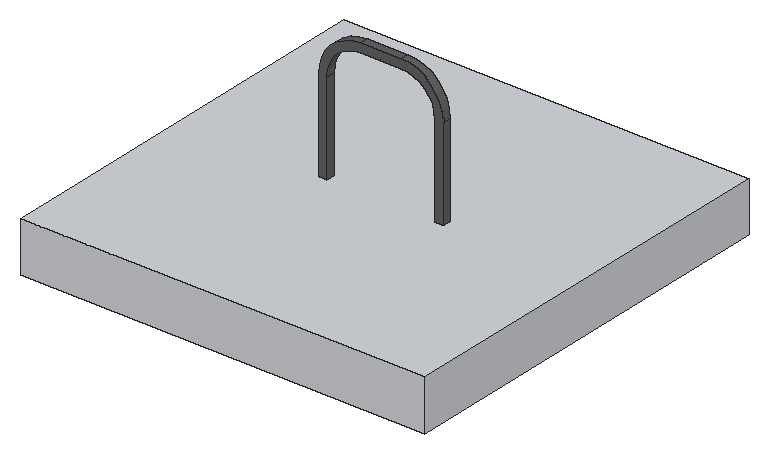
Revit family "Bike_Rack-Saris_Parking-Bike_Dock", category Site, host Face, Revit 2014
Parameters (values of type "Refer to Catalog")
  Width = 2' - 6"
  Weight = 20.00 lbf
  URL = "https://www.sarisparking.com/"
  Tube Square = not(Tube Round)  # yes
  Tube Round = no
  Product Page URL = "https://www.sarisparking.com/product/bike-dock/"
  Product Documentation Link = "https://www.sarisparking.com/uploads/SarisParking/PDF/Bike-Dock-6903-Spread.pdf"
  Pole Length = if(Flange Mount, 1' 9 9/16", 2' 8 3/4")  # 2' - 8 3/4"
  Pipe Radius = Pipe Size / 2  # 0' - 1"
  Pipe Size = 0' - 2"
  Number of Parkable Bikes = 2  # constant formula
  Mount Color = Paint - Saris Parking - Powder Coat - Shuttle Black
  Model = "2112"
  Manufacturer = "Saris Parking"  # constant formula
  Length = 0' - 0"
  LEED Credit = "Meets APBP Guidelines"  # constant formula
  Height = 2' - 8"  # constant formula
  Flange Mount = no
  Description = "Intuitive, easy to use bike parking for 2 bikes"  # constant formula
  Default Elevation = 4' - 0"
  Below Grade Mount = not(Flange Mount)  # yes
  Assembly Code = "G2040500"
Reference planes (in)
  plane 1 "Center (Front/Back)": y = 0
  plane 2: z = 0
  plane 3 "Center (Left/Right)": x = 0
  plane 4: z = 21.8125
  plane 5: z = -10.9375
  plane 6: z = 0.25
  plane 7 "Bike": z = 0
  plane 8: x = -13.8125
  plane 9: x = 13.8125
  plane 10: z = 21.8125
  plane 11: z = -10.9375
  plane 12: y = 2.50204
  plane 13: y = -2.49796
  plane 14: x = -16.3125
  plane 15: x = -11.3125
  plane 16: x = 11.3125
  plane 17: x = 16.3125
  plane 18: x = 16.8125
  plane 19: x = 10.8125
  plane 20: y = 3.00204
  plane 21: y = -2.99796
  plane 22: x = -16.8125
  plane 23: x = -10.8125
  plane 24 "Bike Location 1": y = 7.49837
  plane 25 "Bike Location 2": y = -7.49837
Forms (in)
  Extrusion 1, solid
    sketch origin (0, 0, 0) x (1, 0, 0) y (0, 1, 0)
      loop
        line (-48, 48) -> (-48, -48) -> (48, -48) -> (48, 48) -> (-48, 48)
    from 0 to -12
  Sweep 2, solid, material "Paint - Saris Parking - Powder Coat - Shuttle Black" <- "Mount Color", visible <- "Tube Round"
    path origin (0, 0, 0) x (1, 0, 0) y (0, 0, 1)
      loop
        line (-13.8125, -10.9375) -> (-13.8125, 21.8125)
        arc (-13.8125, 21.8125) -> (-11.17646, 28.17646) -> (-4.8125, 30.8125) r 9
        line (-4.8125, 30.8125) -> (4.8125, 30.8125)
        arc (4.8125, 30.8125) -> (11.17646, 28.17646) -> (13.8125, 21.8125) r 9
        line (13.8125, 21.8125) -> (13.8125, -10.9375)
    profile origin (-13.8125, 0, 5.4375) x (-1, 0, 0) y (0, -1, 0)
      loop
        circle (0, 0) r 1
  Extrusion 3, solid, material "Paint - Saris Parking - Powder Coat - Shuttle Black" <- "Mount Color", visible <- "Flange Mount"
    sketch origin (0, 0, 0) x (1, 0, 0) y (0, 1, 0)
      loop
        line (-10.8125, 3.00204) -> (-16.8125, 3.00204) -> (-16.8125, -2.99796) -> (-10.8125, -2.99796) -> (-10.8125, 3.00204)
      loop
        line (10.8125, 3.00204) -> (10.8125, -2.99796) -> (16.8125, -2.99796) -> (16.8125, 3.00204) -> (10.8125, 3.00204)
      loop
        circle (-16.3125, 2.50204) r 0.195
      loop
        circle (-16.3125, -2.49796) r 0.195
      loop
        circle (-11.3125, -2.49796) r 0.195
      loop
        circle (-11.3125, 2.50204) r 0.195
      loop
        circle (16.3125, 2.50204) r 0.195
      loop
        circle (16.3125, -2.49796) r 0.195
      loop
        circle (11.3125, -2.49796) r 0.195
      loop
        circle (11.3125, 2.50204) r 0.195
    from 0 to 0.25
  Sweep 4, solid, material "Paint - Saris Parking - Powder Coat - Shuttle Black" <- "Mount Color", visible <- "Tube Square"
    path origin (0, 0, 0) x (1, 0, 0) y (0, 0, 1)
      loop
        line (-13.8125, -10.9375) -> (-13.8125, 21.8125)
        arc (-13.8125, 21.8125) -> (-11.17646, 28.17646) -> (-4.8125, 30.8125) r 9
        line (-4.8125, 30.8125) -> (4.8125, 30.8125)
        arc (4.8125, 30.8125) -> (11.17646, 28.17646) -> (13.8125, 21.8125) r 9
        line (13.8125, 21.8125) -> (13.8125, -10.9375)
    profile origin (-13.8125, 0, 5.4375) x (-1, 0, 0) y (0, -1, 0)
      loop
        line (-1, -1) -> (1, -1) -> (1, 1) -> (-1, 1) -> (-1, -1)
Lines and regions (in)
  Masking region 1, visible <- "Flange Mount"
    outline origin (0, 0, 0) x (1, 0, 0) y (0, 1, 0)
      loop
        line (-10.8125, 2.99796) -> (-16.8125, 2.99796) -> (-16.8125, -2.99796) -> (-10.8125, -2.99796) -> (-10.8125, -1) -> (10.8125, -1) -> (10.8125, -2.99796) -> (16.8125, -2.99796) -> (16.8125, 2.99796) -> (10.8125, 2.99796) -> (10.8125, 1) -> (-10.8125, 1) -> (-10.8125, 2.99796)
  Masking region 2, visible <- "Tube Round"
    outline origin (0, 0, 0) x (1, 0, 0) y (0, 1, 0)
      loop
        line (-13.8125, -1) -> (13.8125, -1)
        arc (13.8125, -1) -> (14.51961, -0.70711) -> (14.8125, 0) r 1
        arc (14.8125, 0) -> (14.51961, 0.70711) -> (13.8125, 1) r 1
        line (13.8125, 1) -> (-13.8125, 1)
        arc (-13.8125, 1) -> (-14.51961, 0.70711) -> (-14.8125, 0) r 1
        arc (-14.8125, 0) -> (-14.51961, -0.70711) -> (-13.8125, -1) r 1
  Masking region 3, visible <- "Flange Mount", detail levels fine
    outline origin (0, 0, 0) x (1, 0, 0) y (0, 1, 0)
      loop
        circle (-16.3125, 2.50204) r 0.195
      loop
        circle (-11.3125, 2.50204) r 0.195
      loop
        circle (-11.3125, -2.49796) r 0.195
      loop
        circle (-16.3125, -2.49796) r 0.195
      loop
        circle (16.3125, 2.50204) r 0.195
      loop
        circle (11.3125, 2.50204) r 0.195
      loop
        circle (11.3125, -2.49796) r 0.195
      loop
        circle (16.3125, -2.49796) r 0.195
  Masking region 4, visible <- "Tube Square"
    outline origin (0, 0, 0) x (1, 0, 0) y (0, 1, 0)
      loop
        line (-14.8125, 1) -> (-14.8125, -1) -> (14.8125, -1) -> (14.8125, 1) -> (-14.8125, 1)
Dimensions and locks (in)
  Sweep 2 sketch curve to Sweep 2 sketch curve to Sweep 2 sketch curve to plane 3 "Center (Left/Right)" to Sweep 2 sketch curve to Sweep 2 sketch curve to Sweep 2 sketch curve = 0' - 0" locked, 0' - 9" locked, 0' - 4 13/16" locked, 0' - 4 13/16" locked, 0' - 9" locked, 0' - 0" locked
  locked: Sweep 2 sketch curve to plane 3 "Center (Left/Right)" at 13.8125
  locked: plane 4 to plane 2 at 21.8125
  "Pole Length": plane 4 to plane 5
  equal spacing: Sweep 2 sketch curve, Sweep 2 sketch curve, Sweep 2 sketch curve, Sweep 2 sketch curve
  Sweep 2 sketch curve to Sweep 2 sketch curve to plane 4 = 0' - 0" locked, 0' - 9" locked
  Masking region 1 sketch curve to Masking region 1 sketch curve to Masking region 1 sketch curve to Masking region 1 sketch curve to Masking region 1 sketch curve to Masking region 1 sketch curve to plane 3 "Center (Left/Right)" to Masking region 1 sketch curve to Masking region 1 sketch curve to Masking region 1 sketch curve to Masking region 1 sketch curve to Masking region 1 sketch curve to Masking region 1 sketch curve = 0' - 0" locked, 0' - 6" locked, 0' - 0" locked, 0' - 0" locked, 0' - 0" locked, 0' - 10 13/16" locked, 0' - 10 13/16" locked, 0' - 0" locked, 0' - 0" locked, 0' - 0" locked, 0' - 6" locked, 0' - 0" locked
  Masking region 3 sketch curve to Masking region 3 sketch curve to Masking region 3 sketch curve to Masking region 3 sketch curve to plane 3 "Center (Left/Right)" = 0' - 0" locked, 0' - 5" locked, 0' - 0" locked, 0' - 11 5/16" locked
  Masking region 3 sketch curve to Masking region 3 sketch curve to plane 1 "Center (Front/Back)" to Masking region 3 sketch curve to Masking region 3 sketch curve = 0' - 0" locked, 0' - 2.49796" locked, 0' - 2.50204" locked, 0' - 0" locked
  Masking region 3 sketch curve to Masking region 3 sketch curve to Masking region 3 sketch curve to Masking region 3 sketch curve = 0' - 0" locked, 0' - 5" locked, 0' - 0" locked
  Masking region 3 sketch curve to Masking region 3 sketch curve to Masking region 3 sketch curve to Masking region 3 sketch curve = 0' - 0" locked, 0' - 5", 0' - 0" locked
  locked: plane 6 to plane 2 at 0.25
  "Pipe Size": Masking region 2 sketch curve to Masking region 2 sketch curve
  equal spacing: Masking region 2 sketch curve, plane 1 "Center (Front/Back)", Masking region 2 sketch curve
  equal spacing: plane 8, plane 3 "Center (Left/Right)", plane 9
  locked: plane 8 to plane 9 at 27.625
  equal spacing: Sweep 4 sketch curve, plane 1 "Center (Front/Back)", Sweep 4 sketch curve
  "Pipe Size": Sweep 4 sketch curve to Sweep 4 sketch curve  (x2)
  equal spacing: Sweep 4 sketch curve, profile plane, Sweep 4 sketch curve
  equal spacing: Masking region 1 sketch curve, plane 1 "Center (Front/Back)", Masking region 1 sketch curve  (x2)
  "Pipe Size": Masking region 1 sketch curve to Masking region 1 sketch curve
  locked: Masking region 1 sketch curve to Masking region 1 sketch curve at 5.99592
  equal spacing: Masking region 4 sketch curve, plane 1 "Center (Front/Back)", Masking region 4 sketch curve
  "Pipe Size": Masking region 4 sketch curve to Masking region 4 sketch curve
  equal spacing: Masking region 4 sketch curve, plane 3 "Center (Left/Right)", Masking region 4 sketch curve
  locked: Masking region 4 sketch curve to Masking region 4 sketch curve at 29.625
  "Pole Length": plane 10 to plane 11
  locked: plane 10 to level at 21.8125
  Sweep 4 sketch curve to Sweep 4 sketch curve to plane 10 = 0' - 9" locked, 0' - 0" locked
  Sweep 4 sketch curve to Sweep 4 sketch curve to plane 3 "Center (Left/Right)" to Sweep 4 sketch curve to Sweep 4 sketch curve = 0' - 9" locked, 0' - 4 13/16" locked, 0' - 4 13/16" locked, 0' - 9" locked
  plane 20 to plane 12 to plane 1 "Center (Front/Back)" to plane 13 to plane 21 = 0' - 0 1/2" locked, 0' - 2.50204" locked, 0' - 2.49796" locked, 0' - 0 1/2" locked
  plane 22 to plane 14 to plane 15 to plane 23 to plane 3 "Center (Left/Right)" to plane 19 to plane 16 to plane 17 to plane 18 = 0' - 0 1/2" locked, 0' - 5" locked, 0' - 0 1/2" locked, 0' - 10 13/16" locked, 0' - 10 13/16" locked, 0' - 0 1/2" locked, 0' - 5" locked, 0' - 0 1/2" locked
  plane 25 "Bike Location 2" to plane 1 "Center (Front/Back)" to plane 24 "Bike Location 1" = 0' - 7.49837" locked, 0' - 7.49837" locked
  "Pipe Radius": radius of Sweep 2 sketch curve
  radius of Sweep 4 sketch curve = 0' - 9"  (x2)
  aligned and locked: plane 2 to Extrusion 1
  aligned and locked: level to Extrusion 1
  aligned and locked: plane 5 to Sweep 2 sketch curve  (x2)
  aligned and locked: Extrusion 3 to plane 2
  aligned and locked: plane 2 to Extrusion 3
  aligned and locked: plane 6 to Extrusion 3
  aligned and locked: Extrusion 3 to plane 6
  aligned and locked: plane 1 "Center (Front/Back)" to Sweep 2 sketch curve
  aligned and locked: plane 8 to Masking region 2 sketch curve
  aligned and locked: plane 9 to Masking region 2 sketch curve
  aligned and locked: plane 1 "Center (Front/Back)" to Masking region 2 sketch curve  (x2)
  aligned and locked: plane 11 to Sweep 4 sketch curve  (x2)
  aligned and locked: plane 22 to Extrusion 3 sketch curve
  aligned and locked: Extrusion 3 sketch curve to plane 23
  aligned and locked: Extrusion 3 sketch curve to plane 20
  aligned and locked: plane 20 to Extrusion 3 sketch curve
  aligned and locked: Extrusion 3 sketch curve to plane 21
  aligned and locked: plane 21 to Extrusion 3 sketch curve
  aligned and locked: plane 18 to Extrusion 3 sketch curve
  aligned and locked: Extrusion 3 sketch curve to plane 19
  aligned and locked: plane 16 to Extrusion 3 sketch curve  (x2)
  aligned and locked: plane 17 to Extrusion 3 sketch curve  (x2)
  aligned and locked: plane 12 to Extrusion 3 sketch curve  (x4)
  aligned and locked: plane 13 to Extrusion 3 sketch curve  (x4)
  aligned and locked: plane 15 to Extrusion 3 sketch curve  (x2)
  aligned and locked: plane 14 to Extrusion 3 sketch curve  (x2)
  aligned and locked: Masking region 1 sketch curve to Masking region 1 sketch curve  (x2)
  aligned and locked: nested 2 to plane 24 "Bike Location 1"
  aligned and locked: nested 1 to plane 24 "Bike Location 1"
  aligned and locked: nested 1 to plane 3 "Center (Left/Right)"
Automatic sketch dimensions
  Extrusion 1 sketch curve to Extrusion 1 sketch curve = 8' - 0"  (x2)
  plane 3 "Center (Left/Right)" to Masking region 3 sketch curve = 0' - 11 5/16"
  Masking region 3 sketch curve to plane 1 "Center (Front/Back)" = 0' - 2.50204"
  radius of Masking region 3 sketch curve = 0' - 0.195"  (x8)
  radius of Extrusion 3 sketch curve = 0' - 0.195"  (x8)
Nested families (in)
  nested 1: "REFLVL" at (0, 7.49837, 0) x (0, -1, 0) z (0, 0, 1), type "REFLVL"
  nested 2: "Bicycle-Saris_Parking-2D" at (0.05187, 7.49837, 0) x (0, -1, 0) z (0, 0, 1), type "2D Bike"
    with Front yes, Back no
Definition of nested family "REFLVL"
  Reference planes (in)
    plane 1 "Center (Front/Back)": y = 0
    plane 2: z = 0
    plane 3 "Center (Left/Right)": x = 0
  Lines and regions (in)
    symbolic lines, style "Bike 2D", detail levels medium+fine
      curve 1: line (-1.76035, 34.28438, 0) -> (-1.76035, 30.15007, 0)
      curve 2: line (-1.51035, 30.15007, 0) -> (-1.51035, 34.19814, 0)
      curve 3: line (-1.44526, 34.59773, 0) -> (-1.44526, 30.15007, 0)
      curve 4: line (1.43596, 34.59773, 0) -> (1.43596, 30.15007, 0)
      curve 5: line (1.50104, 34.19814, 0) -> (1.50104, 30.15007, 0)
      curve 6: line (1.75104, 30.15007, 0) -> (1.75104, 34.28438, 0)
      curve 7: arc (-1.37764, 35.22185, 0) -> (-0.00465, 36.19834, 0) -> (1.36833, 35.22185, 0) r 1.45348
      curve 8: arc (-1.76035, 34.28438, 0) -> (-1.1936, 35.41197, 0) -> (-0.00465, 35.83516, 0) r 1.69461
      curve 9: arc (-0.00465, 35.5852, 0) -> (-1.05417, 35.21372, 0) -> (-1.51035, 34.19814, 0) r 1.41535
      curve 10: arc (1.75104, 34.28438, 0) -> (1.18429, 35.41197, 0) -> (-0.00465, 35.83516, 0) r 1.69461
      curve 11: arc (-0.00465, 35.5852, 0) -> (1.04487, 35.21372, 0) -> (1.50104, 34.19814, 0) r 1.41535
      curve 12: line (-1.09029, 30.37075, 0) -> (1.08099, 30.37075, 0)
      curve 13: line (-1.09029, 30.15007, 0) -> (-1.09029, 30.37075, 0)
      curve 14: line (-2.11177, 20.37545, 0) -> (-2.11177, 30.15007, 0)
      curve 15: line (2.10247, 30.15007, 0) -> (-2.11177, 30.15007, 0)
      curve 16: line (1.08099, 30.15007, 0) -> (1.08099, 30.37075, 0)
      curve 17: line (2.10247, 20.37545, 0) -> (2.10247, 30.15007, 0)
      curve 18: line (-2.62965, 24.78553, 0) -> (-2.25465, 24.78553, 0)
      curve 19: line (-2.62965, 22.34422, 0) -> (-2.62965, 24.78553, 0)
      curve 20: line (-2.62965, 23.81282, 0) -> (-2.71298, 23.81282, 0)
      curve 21: line (-2.71298, 23.81282, 0) -> (-2.71298, 23.31282, 0)
      curve 22: line (-2.71298, 23.31282, 0) -> (-2.62965, 23.31282, 0)
      curve 23: line (-2.11177, 25.1083, 0) -> (-2.62353, 22.34473, 0)
      curve 24: line (-2.25465, 24.78553, 0) -> (-2.25465, 24.38571, 0)
      curve 25: line (-2.25465, 22.85389, 0) -> (-2.11177, 23.62547, 0)
      curve 26: line (-2.25465, 22.85389, 0) -> (-2.25465, 22.64937, 0)
      curve 27: spline (-2.11177, 22.61798, 0) -> (-2.12315, 22.62248, 0) -> (-2.13465, 22.62664, 0) -> (-2.14628, 22.63047, 0) -> (-2.15802, 22.63396, 0) -> (-2.16986, 22.6371, 0) -> (-2.18178, 22.63991, 0) -> (-2.19379, 22.64236, 0) -> (-2.20587, 22.64447, 0) -> (-2.218, 22.64622, 0) -> (-2.23018, 22.64763, 0) -> (-2.2424, 22.64868, 0) -> (-2.25465, 22.64937, 0)
      curve 28: line (-2.7074, 22.33771, 0) -> (-2.44814, 20.22624, 0)
      curve 29: line (-2.88634, 22.32273, 0) -> (-2.76709, 20.05839, 0)
      curve 30: line (-2.62965, 22.34422, 0) -> (-2.88634, 22.32273, 0)
      curve 31: arc (-0.00465, 20.7708, 0) -> (-1.69939, 20.52293, 0) -> (-3.23321, 19.76071, 0) r 5.44335
      curve 32: arc (-3.23321, 19.76071, 0) -> (-4.06719, 16.42019, 0) -> (-2.97639, 13.1545, 0) r 6.15429
      curve 33: arc (-2.97639, 13.1545, 0) -> (-1.78498, 12.01981, 0) -> (-1.17923, 10.49009, 0) r 3.83192
      curve 34: line (-0.71107, 10.05492, 0) -> (0.70177, 10.05492, 0)
      curve 35: arc (-1.17923, 10.49009, 0) -> (-0.99063, 10.22357, 0) -> (-0.71107, 10.05492, 0) r 0.7978
      curve 36: line (2.62035, 24.78553, 0) -> (2.24535, 24.78553, 0)
      curve 37: line (2.62035, 22.34422, 0) -> (2.62035, 24.78553, 0)
      curve 38: line (2.62035, 23.81282, 0) -> (2.70368, 23.81282, 0)
      curve 39: line (2.70368, 23.81282, 0) -> (2.70368, 23.31282, 0)
      curve 40: line (2.70368, 23.31282, 0) -> (2.62035, 23.31282, 0)
      curve 41: line (2.10247, 25.1083, 0) -> (2.61423, 22.34473, 0)
      curve 42: line (2.24535, 24.78553, 0) -> (2.24535, 24.38571, 0)
      curve 43: line (2.24535, 22.85389, 0) -> (2.10247, 23.62547, 0)
      curve 44: line (2.24535, 22.85389, 0) -> (2.24535, 22.64937, 0)
      curve 45: spline (2.10247, 22.61798, 0) -> (2.11384, 22.62248, 0) -> (2.12535, 22.62664, 0) -> (2.13698, 22.63047, 0) -> (2.14872, 22.63396, 0) -> (2.16055, 22.6371, 0) -> (2.17248, 22.63991, 0) -> (2.18449, 22.64236, 0) -> (2.19656, 22.64447, 0) -> (2.2087, 22.64622, 0) -> (2.22088, 22.64763, 0) -> (2.2331, 22.64868, 0) -> (2.24535, 22.64937, 0)
      curve 46: line (2.69809, 22.33771, 0) -> (2.43884, 20.22624, 0)
      curve 47: line (2.87704, 22.32273, 0) -> (2.75779, 20.05839, 0)
      curve 48: line (2.62035, 22.34422, 0) -> (2.87704, 22.32273, 0)
      curve 49: arc (-0.00465, 20.7708, 0) -> (1.69009, 20.52293, 0) -> (3.22391, 19.76071, 0) r 5.44335
      curve 50: arc (3.22391, 19.76071, 0) -> (4.05789, 16.42019, 0) -> (2.96709, 13.1545, 0) r 6.15429
      curve 51: arc (2.96709, 13.1545, 0) -> (1.77568, 12.01981, 0) -> (1.16992, 10.49009, 0) r 3.83192
      curve 52: arc (1.16992, 10.49009, 0) -> (0.98133, 10.22357, 0) -> (0.70177, 10.05492, 0) r 0.7978
      curve 53: line (-3.35465, 8.83962, 0) -> (-6.85465, 8.83962, 0)
      curve 54: line (-6.85465, 8.83962, 0) -> (-6.85465, 11.98354, 0)
      curve 55: line (-6.85465, 11.98354, 0) -> (-3.35465, 11.98354, 0)
      curve 56: line (-3.35465, 11.98354, 0) -> (-3.35465, 8.83962, 0)
      curve 57: line (-2.3112, 11.40158, 0) -> (-2.38004, 12.70866, 0)
      curve 58: line (-2.25465, 2.00687, 0) -> (-2.25465, 12.57175, 0)
      curve 59: line (-2.11177, 12.42117, 0) -> (-2.11177, 2.00744, 0)
      curve 60: line (-1.57514, 11.66986, 0) -> (-1.44526, 10.6084, 0)
      curve 61: line (-1.44526, 11.39942, 0) -> (-1.44526, 10.10946, 0)
      curve 62: line (-1.32535, 9.6284, 0) -> (-0.72145, 7.20566, 0)
      curve 63: line (-2.11177, 9.74592, 0) -> (-1.495, 6.43862, 0)
      curve 64: line (-2.41715, 10.87194, 0) -> (-2.41715, 6.40406, 0)
      curve 65: line (-2.79215, 6.40406, 0) -> (-2.79215, 10.87194, 0)
      curve 66: line (-2.79215, 10.87194, 0) -> (-2.41715, 10.87194, 0)
      curve 67: line (-2.25465, 10.86337, 0) -> (-2.3112, 11.40158, 0)
      curve 68: arc (-1.44526, 10.10946, 0) -> (-1.23077, 9.45644, 0) -> (-0.72145, 8.99488, 0) r 1.34395
      curve 69: line (-0.72145, 10.05863, 0) -> (-0.72145, 8.91339, 0)
      curve 70: line (-2.79215, 6.40406, 0) -> (-2.41715, 6.40406, 0)
      curve 71: line (-2.79215, 4.08328, 0) -> (-2.79215, 6.40406, 0)
      curve 72: line (-2.41715, 6.40406, 0) -> (-2.41715, 4.08328, 0)
      curve 73: line (-2.41715, 4.08328, 0) -> (-2.79215, 4.08328, 0)
      curve 74: line (-2.11177, 2.00744, 0) -> (-2.25465, 2.00687, 0)
      curve 75: line (-0.72145, 3.80614, 0) -> (-1.62965, 3.80614, 0)
      curve 76: line (-1.62965, 3.80614, 0) -> (-1.62965, 6.30537, 0)
      curve 77: line (-1.62965, 6.30537, 0) -> (-1.495, 6.30537, 0)
      curve 78: line (-1.495, 6.43862, 0) -> (-1.495, 6.30537, 0)
      curve 79: line (-0.72145, 8.91339, 0) -> (-0.72145, -9.48759, 0)
      curve 80: line (-1.62965, 5.43022, 0) -> (-2.11177, 5.43022, 0)
      curve 81: line (-2.11177, 4.68052, 0) -> (-1.62965, 4.68052, 0)
      curve 82: line (-2.41715, 4.68052, 0) -> (-2.25465, 4.68052, 0)
      curve 83: line (-2.25465, 5.43022, 0) -> (-2.41715, 5.43022, 0)
      curve 84: line (2.3019, 11.40158, 0) -> (2.37073, 12.70866, 0)
      curve 85: line (1.56584, 11.66986, 0) -> (1.43596, 10.6084, 0)
      curve 86: line (1.43596, 11.39942, 0) -> (1.43596, 10.10946, 0)
      curve 87: line (1.31605, 9.6284, 0) -> (0.71215, 7.20566, 0)
      curve 88: line (2.16081, 10.05878, 0) -> (1.4857, 6.43862, 0)
      curve 89: line (2.16081, 10.05878, 0) -> (2.3019, 11.40158, 0)
      curve 90: arc (1.43596, 10.10946, 0) -> (1.22146, 9.45644, 0) -> (0.71215, 8.99488, 0) r 1.34395
      curve 91: line (0.71215, 10.05863, 0) -> (0.71215, 8.91339, 0)
      curve 92: line (0.71215, 3.80614, 0) -> (1.62035, 3.80614, 0)
      curve 93: line (1.62035, 3.80614, 0) -> (1.62035, 6.30537, 0)
      curve 94: line (1.62035, 6.30537, 0) -> (1.4857, 6.30537, 0)
      curve 95: line (1.4857, 6.43862, 0) -> (1.4857, 6.30537, 0)
      curve 96: line (0.71215, 8.91339, 0) -> (0.71215, -9.48759, 0)
      curve 97: line (1.62035, 5.43022, 0) -> (2.05785, 5.43022, 0)
      curve 98: line (2.05785, 4.68052, 0) -> (1.62035, 4.68052, 0)
      curve 99: line (2.43285, 6.02747, 0) -> (2.05785, 6.02747, 0)
      curve 100: line (2.05785, 6.02747, 0) -> (2.05785, 4.40943, 0)
      curve 101: line (2.05785, 4.40943, 0) -> (2.43285, 4.40943, 0)
      curve 102: line (2.43285, 4.40943, 0) -> (2.43285, 6.02747, 0)
      curve 103: line (2.43285, -0.7615, 0) -> (2.43285, 4.40943, 0)
      curve 104: line (2.05785, 4.40943, 0) -> (2.05785, -0.7615, 0)
      curve 105: line (2.05785, -0.7615, 0) -> (2.43285, -0.7615, 0)
      curve 106: line (2.99535, -1.8721, 0) -> (2.99535, 1.27182, 0)
      curve 107: line (6.49535, 1.27182, 0) -> (6.49535, -1.8721, 0)
      curve 108: line (2.99535, 1.27182, 0) -> (6.49535, 1.27182, 0)
      curve 109: line (6.49535, -1.8721, 0) -> (2.99535, -1.8721, 0)
      curve 110: line (-6.74423, -4.40772, 0) -> (-8.60753, -1.19229, 0)
      curve 111: line (-7.69029, -5.14871, 0) -> (-5.36114, -9.18292, 0)
      curve 112: line (-4.54582, -8.59509, 0) -> (-6.82506, -4.64733, 0)
      curve 113: line (-9.79413, -1.87991, 0) -> (-7.93084, -5.09534, 0)
      curve 114: spline (-8.60753, -1.19229, 0) -> (-8.65492, -1.15711, 0) -> (-8.73952, -1.14775, 0) -> (-8.85555, -1.16486, 0) -> (-8.99512, -1.20726, 0) -> (-9.1487, -1.27208, 0) -> (-9.30584, -1.35489, 0) -> (-9.45582, -1.45005, 0) -> (-9.58842, -1.55107, 0) -> (-9.69461, -1.65108, 0) -> (-9.76715, -1.74325, 0) -> (-9.8011, -1.8213, 0) -> (-9.79413, -1.87991, 0)
      curve 115: arc (-6.82506, -4.64733, 0) -> (-6.73038, -4.54583, 0) -> (-6.74423, -4.40772, 0) r 0.16822
      curve 116: arc (-7.69029, -5.14871, 0) -> (-7.82228, -5.17482, 0) -> (-7.93084, -5.09534, 0) r 0.16737
      curve 117: line (-1.76099, -7.33346, 0) -> (-1.76099, -9.49474, 0)
      curve 118: line (-1.50978, -9.49432, 0) -> (-1.50978, -7.33346, 0)
      curve 119: line (-1.44526, -7.3743, 0) -> (-1.44526, -9.48759, 0)
      curve 120: line (-0.62965, -9.48759, 0) -> (-2.18187, -9.48759, 0)
      curve 121: line (-2.15732, -10.48759, 0) -> (-0.62965, -10.48759, 0)
      curve 122: line (-1.76099, -10.48049, 0) -> (-1.76099, -12.54985, 0)
      curve 123: line (-1.50978, -12.32983, 0) -> (-1.50978, -10.48091, 0)
      curve 124: line (-1.44526, -10.47432, 0) -> (-1.44526, -12.27333, 0)
      curve 125: line (-1.00465, -10.48759, 0) -> (-1.00465, -11.88743, 0)
      curve 126: line (-1.00465, -11.88743, 0) -> (-2.45779, -13.16011, 0)
      curve 127: arc (-4.54582, -8.59509, 0) -> (-3.44528, -9.25703, 0) -> (-2.18187, -9.48759, 0) r 3.57695
      curve 128: arc (-2.15732, -10.48759, 0) -> (-3.88696, -10.14892, 0) -> (-5.36114, -9.18292, 0) r 4.58608
      curve 129: arc (-1.44526, -7.3743, 0) -> (-1.25296, -6.60654, 0) -> (-0.72145, -6.02008, 0) r 1.62874
      curve 130: arc (-1.50978, -7.33346, 0) -> (-1.29757, -6.56748, 0) -> (-0.72145, -6.01989, 0) r 1.48854
      curve 131: arc (-1.76099, -7.33346, 0) -> (-1.47821, -6.38074, 0) -> (-0.72145, -5.73657, 0) r 1.74629
      curve 132: line (6.73493, -4.40772, 0) -> (8.59822, -1.19229, 0)
      curve 133: line (7.68099, -5.14871, 0) -> (5.35184, -9.18292, 0)
      curve 134: line (4.53652, -8.59509, 0) -> (6.81576, -4.64733, 0)
      curve 135: line (9.79351, -1.86494, 0) -> (7.92154, -5.09534, 0)
      curve 136: spline (8.59822, -1.19229, 0) -> (8.64562, -1.15711, 0) -> (8.73021, -1.14775, 0) -> (8.84625, -1.16486, 0) -> (8.98582, -1.20726, 0) -> (9.1394, -1.27208, 0) -> (9.29654, -1.35489, 0) -> (9.44652, -1.45005, 0) -> (9.57912, -1.55107, 0) -> (9.68531, -1.65108, 0) -> (9.75785, -1.74325, 0) -> (9.79179, -1.8213, 0) -> (9.78483, -1.87991, 0)
      curve 137: arc (6.81576, -4.64733, 0) -> (6.72108, -4.54583, 0) -> (6.73493, -4.40772, 0) r 0.16822
      curve 138: arc (7.68099, -5.14871, 0) -> (7.81298, -5.17482, 0) -> (7.92154, -5.09534, 0) r 0.16737
      curve 139: line (1.75169, -7.33346, 0) -> (1.75169, -9.49474, 0)
      curve 140: line (1.50047, -9.49432, 0) -> (1.50047, -7.33346, 0)
      curve 141: line (1.43596, -7.3743, 0) -> (1.43596, -9.48759, 0)
      curve 142: line (0.71215, -9.48759, 0) -> (2.17257, -9.48759, 0)
      curve 143: line (2.14802, -10.48759, 0) -> (0.62035, -10.48759, 0)
      curve 144: line (1.75169, -10.48049, 0) -> (1.75169, -12.54985, 0)
      curve 145: line (1.50047, -12.32983, 0) -> (1.50047, -10.48091, 0)
      curve 146: line (1.43596, -10.47432, 0) -> (1.43596, -12.27333, 0)
      curve 147: line (0.99535, -10.48759, 0) -> (0.99535, -11.88743, 0)
      curve 148: line (0.99535, -11.88743, 0) -> (2.44849, -13.16011, 0)
      curve 149: arc (4.53652, -8.59509, 0) -> (3.43598, -9.25703, 0) -> (2.17257, -9.48759, 0) r 3.57695
      curve 150: arc (2.14802, -10.48759, 0) -> (3.87766, -10.14892, 0) -> (5.35184, -9.18292, 0) r 4.58608
      curve 151: arc (1.43596, -7.3743, 0) -> (1.24365, -6.60654, 0) -> (0.71215, -6.02008, 0) r 1.62874
      curve 152: arc (1.50047, -7.33346, 0) -> (1.28826, -6.56748, 0) -> (0.71215, -6.01989, 0) r 1.48854
      curve 153: arc (1.75169, -7.33346, 0) -> (1.46891, -6.38074, 0) -> (0.71215, -5.73657, 0) r 1.74629
      curve 154: spline (-0.00465, -7.95937, 0) -> (0.12476, -7.94368, 0) -> (0.24535, -7.89771, 0) -> (0.3489, -7.82457, 0) -> (0.42836, -7.72926, 0) -> (0.47831, -7.61827, 0) -> (0.49535, -7.49915, 0) -> (0.47831, -7.38004, 0) -> (0.42836, -7.26905, 0) -> (0.3489, -7.17374, 0) -> (0.24535, -7.1006, 0) -> (0.12476, -7.05463, 0) -> (-0.00465, -7.03894, 0)
      curve 155: spline (-0.00465, -7.03894, 0) -> (-0.13406, -7.05463, 0) -> (-0.25465, -7.1006, 0) -> (-0.3582, -7.17374, 0) -> (-0.43766, -7.26905, 0) -> (-0.48761, -7.38004, 0) -> (-0.50465, -7.49915, 0) -> (-0.48761, -7.61827, 0) -> (-0.43766, -7.72926, 0) -> (-0.3582, -7.82457, 0) -> (-0.25465, -7.89771, 0) -> (-0.13406, -7.94368, 0) -> (-0.00465, -7.95937, 0)
      curve 156: line (-0.50465, -7.49915, 0) -> (-0.50465, -9.32024, 0)
      curve 157: line (0.49535, -9.32024, 0) -> (0.49535, -7.49915, 0)
      curve 158: line (-0.62965, -9.32024, 0) -> (0.62035, -9.32024, 0)
      curve 159: line (-0.62965, -11.02577, 0) -> (-0.62965, -9.32024, 0)
      curve 160: line (0.62035, -9.32024, 0) -> (0.62035, -11.02577, 0)
      curve 161: line (0.62035, -11.02577, 0) -> (-0.62965, -11.02577, 0)
      curve 162: spline (-2.45779, -13.16011, 0) -> (-2.55546, -13.26827, 0) -> (-2.62322, -13.39425, 0) -> (-2.6574, -13.53121, 0) -> (-2.65615, -13.67172, 0) -> (-2.61953, -13.80814, 0) -> (-2.54953, -13.93308, 0) -> (-2.44995, -14.03976, 0) -> (-2.3262, -14.12237, 0) -> (-2.18499, -14.17644, 0) -> (-2.03399, -14.19903, 0) -> (-1.8814, -14.18891, 0) -> (-1.73549, -14.14663, 0)
      curve 163: spline (1.72619, -14.14663, 0) -> (1.87209, -14.18891, 0) -> (2.02469, -14.19903, 0) -> (2.17568, -14.17644, 0) -> (2.31689, -14.12237, 0) -> (2.44065, -14.03976, 0) -> (2.54023, -13.93308, 0) -> (2.61023, -13.80814, 0) -> (2.64685, -13.67172, 0) -> (2.6481, -13.53121, 0) -> (2.61392, -13.39425, 0) -> (2.54615, -13.26827, 0) -> (2.44849, -13.16011, 0)
      curve 164: line (1.30088, -13.97108, 0) -> (1.72619, -14.14663, 0)
      curve 165: line (-1.73549, -14.14663, 0) -> (-1.31018, -13.97108, 0)
      curve 166: spline (-0.4929, -13.24896, 0) -> (-0.41703, -13.28422, 0) -> (-0.33819, -13.31342, 0) -> (-0.25694, -13.33635, 0) -> (-0.17386, -13.35285, 0) -> (-0.08956, -13.3628, 0) -> (-0.00465, -13.36612, 0) -> (0.08026, -13.3628, 0) -> (0.16456, -13.35285, 0) -> (0.24763, -13.33635, 0) -> (0.32889, -13.31342, 0) -> (0.40773, -13.28422, 0) -> (0.4836, -13.24896, 0)
      curve 167: line (-1.31018, -14.76604, 0) -> (-1.73549, -14.94159, 0)
      curve 168: spline (-2.66127, -14.39152, 0) -> (-2.65223, -14.49122, 0) -> (-2.62537, -14.58819, 0) -> (-2.58143, -14.67974, 0) -> (-2.52161, -14.76335, 0) -> (-2.44756, -14.83674, 0) -> (-2.36131, -14.89786, 0) -> (-2.26526, -14.94506, 0) -> (-2.16202, -14.97701, 0) -> (-2.05446, -14.99285, 0) -> (-1.94553, -14.99214, 0) -> (-1.83822, -14.97489, 0) -> (-1.73549, -14.94159, 0)
      curve 169: line (-2.66127, -13.59656, 0) -> (-2.66127, -14.39152, 0)
      curve 170: line (-1.31018, -14.76604, 0) -> (-1.31018, -13.97108, 0)
      curve 171: arc (-1.31018, -13.97108, 0) -> (-0.97472, -13.52719, 0) -> (-0.4929, -13.24896, 0) r 1.40041
      curve 172: arc (1.30088, -13.97108, 0) -> (0.96542, -13.52719, 0) -> (0.4836, -13.24896, 0) r 1.40041
      curve 173: line (1.30088, -14.76604, 0) -> (1.72619, -14.94159, 0)
      curve 174: spline (2.65197, -14.39152, 0) -> (2.64293, -14.49122, 0) -> (2.61607, -14.58819, 0) -> (2.57212, -14.67974, 0) -> (2.5123, -14.76335, 0) -> (2.43825, -14.83674, 0) -> (2.35201, -14.89786, 0) -> (2.25595, -14.94506, 0) -> (2.15272, -14.97701, 0) -> (2.04516, -14.99285, 0) -> (1.93622, -14.99214, 0) -> (1.82892, -14.97489, 0) -> (1.72619, -14.94159, 0)
      curve 175: line (2.65197, -13.59656, 0) -> (2.65197, -14.39152, 0)
      curve 176: line (1.30088, -14.76604, 0) -> (1.30088, -13.97108, 0)
      curve 177: line (-2.50465, -14.78242, 0) -> (-2.50465, -19.30431, 0)
      curve 178: line (2.49535, -19.30431, 0) -> (2.49535, -14.78242, 0)
      curve 179: spline (-2.50465, -19.30431, 0) -> (-2.50103, -19.35961, 0) -> (-2.49021, -19.41411, 0) -> (-2.47236, -19.46702, 0) -> (-2.44773, -19.51757, 0) -> (-2.41667, -19.56503, 0) -> (-2.37965, -19.60871, 0) -> (-2.33719, -19.64798, 0) -> (-2.28992, -19.68227, 0) -> (-2.23851, -19.71109, 0) -> (-2.1837, -19.734, 0) -> (-2.12631, -19.75069, 0) -> (-2.06715, -19.76091, 0)
      curve 180: spline (-1.94215, -19.76091, 0) -> (-1.88299, -19.75069, 0) -> (-1.8256, -19.734, 0) -> (-1.7708, -19.71109, 0) -> (-1.71939, -19.68227, 0) -> (-1.67211, -19.64798, 0) -> (-1.62965, -19.60871, 0) -> (-1.59263, -19.56503, 0) -> (-1.56158, -19.51757, 0) -> (-1.53694, -19.46702, 0) -> (-1.51909, -19.41411, 0) -> (-1.50827, -19.35961, 0) -> (-1.50465, -19.30431, 0)
      curve 181: spline (1.49535, -19.30431, 0) -> (1.49897, -19.35961, 0) -> (1.50979, -19.41411, 0) -> (1.52764, -19.46702, 0) -> (1.55227, -19.51757, 0) -> (1.58333, -19.56503, 0) -> (1.62035, -19.60871, 0) -> (1.66281, -19.64798, 0) -> (1.71008, -19.68227, 0) -> (1.76149, -19.71109, 0) -> (1.8163, -19.734, 0) -> (1.87369, -19.75069, 0) -> (1.93285, -19.76091, 0)
      curve 182: spline (2.05785, -19.76091, 0) -> (2.11701, -19.75069, 0) -> (2.1744, -19.734, 0) -> (2.2292, -19.71109, 0) -> (2.28061, -19.68227, 0) -> (2.32789, -19.64798, 0) -> (2.37035, -19.60871, 0) -> (2.40737, -19.56503, 0) -> (2.43842, -19.51757, 0) -> (2.46306, -19.46702, 0) -> (2.48091, -19.41411, 0) -> (2.49173, -19.35961, 0) -> (2.49535, -19.30431, 0)
      curve 183: line (-1.50465, -19.30431, 0) -> (-1.50465, -14.84631, 0)
      curve 184: line (-1.48493, -17.29931, 0) -> (-0.74741, -15.34736, 0)
      curve 185: spline (-0.00465, -17.2361, 0) -> (-0.17662, -17.23662, 0) -> (-0.34635, -17.23815, 0) -> (-0.51164, -17.24069, 0) -> (-0.67035, -17.24419, 0) -> (-0.8204, -17.24862, 0) -> (-0.95986, -17.25391, 0) -> (-1.0869, -17.26, 0) -> (-1.19988, -17.2668, 0) -> (-1.29733, -17.27424, 0) -> (-1.37798, -17.2822, 0) -> (-1.44079, -17.29059, 0) -> (-1.48493, -17.29931, 0)
      curve 186: spline (-0.00465, -18.03929, 0) -> (-0.22235, -18.04014, 0) -> (-0.43529, -18.04266, 0) -> (-0.63878, -18.04679, 0) -> (-0.82838, -18.05246, 0) -> (-0.99992, -18.05952, 0) -> (-1.14965, -18.06784, 0) -> (-1.27428, -18.07722, 0) -> (-1.37109, -18.08746, 0) -> (-1.43795, -18.09833, 0) -> (-1.4734, -18.10961, 0) -> (-1.47665, -18.12103, 0) -> (-1.44765, -18.13235, 0)
      curve 187: line (-1.94215, -18.76179, 0) -> (-1.94215, -21.46748, 0)
      curve 188: line (-2.06715, -18.76179, 0) -> (-1.94215, -18.76179, 0)
      curve 189: line (-2.06715, -21.46748, 0) -> (-2.06715, -18.76179, 0)
      curve 190: line (-1.94215, -21.46748, 0) -> (-2.06715, -21.46748, 0)
      curve 191: line (-1.94215, -20.74545, 0) -> (-1.50465, -20.74545, 0)
      curve 192: line (-1.50465, -20.38608, 0) -> (-1.94215, -20.38608, 0)
      curve 193: line (-1.25465, -19.69077, 0) -> (-1.50465, -19.69077, 0)
      curve 194: line (-1.50465, -21.44077, 0) -> (-1.25465, -21.44077, 0)
      curve 195: line (-1.50465, -19.69077, 0) -> (-1.50465, -21.44077, 0)
      curve 196: line (-1.25465, -21.44077, 0) -> (-1.25465, -19.69077, 0)
      curve 197: line (-1.09029, -20.06577, 0) -> (-1.25465, -20.06577, 0)
      curve 198: line (-1.25465, -21.06577, 0) -> (-1.09029, -21.06577, 0)
      curve 199: line (-1.09029, -32.22026, 0) -> (-1.09029, -19.04492, 0)
      curve 200: line (1.93285, -18.76179, 0) -> (1.93285, -21.46748, 0)
      curve 201: line (2.05785, -18.76179, 0) -> (1.93285, -18.76179, 0)
      curve 202: line (2.05785, -21.46748, 0) -> (2.05785, -18.76179, 0)
      curve 203: line (1.93285, -21.46748, 0) -> (2.05785, -21.46748, 0)
      curve 204: line (1.93285, -20.74545, 0) -> (1.49535, -20.74545, 0)
      curve 205: line (1.49535, -20.38608, 0) -> (1.93285, -20.38608, 0)
      curve 206: line (1.24535, -19.69077, 0) -> (1.49535, -19.69077, 0)
      curve 207: line (1.49535, -21.44077, 0) -> (1.24535, -21.44077, 0)
      curve 208: line (1.49535, -19.69077, 0) -> (1.49535, -21.44077, 0)
      curve 209: line (1.24535, -21.44077, 0) -> (1.24535, -19.69077, 0)
      curve 210: line (1.08099, -20.06577, 0) -> (1.24535, -20.06577, 0)
      curve 211: line (1.24535, -21.06577, 0) -> (1.08099, -21.06577, 0)
      curve 212: line (1.49535, -14.84631, 0) -> (1.49535, -19.30431, 0)
      curve 213: arc (-0.74741, -15.34736, 0) -> (-0.00465, -14.95668, 0) -> (0.73811, -15.34736, 0) r 0.90142
      curve 214: spline (-0.00465, -18.03929, 0) -> (0.21464, -18.04015, 0) -> (0.42905, -18.0427, 0) -> (0.63382, -18.0469, 0) -> (0.82439, -18.05264, 0) -> (0.99652, -18.05981, 0) -> (1.14639, -18.06823, 0) -> (1.27066, -18.07772, 0) -> (1.36656, -18.08808, 0) -> (1.43197, -18.09907, 0) -> (1.46543, -18.11044, 0) -> (1.4662, -18.12195, 0) -> (1.43426, -18.13334, 0)
      curve 215: line (1.47563, -17.29931, 0) -> (0.73811, -15.34736, 0)
      curve 216: spline (-0.00465, -17.2361, 0) -> (0.16732, -17.23662, 0) -> (0.33705, -17.23815, 0) -> (0.50234, -17.24069, 0) -> (0.66105, -17.24419, 0) -> (0.8111, -17.24862, 0) -> (0.95056, -17.25391, 0) -> (1.0776, -17.26, 0) -> (1.19058, -17.2668, 0) -> (1.28803, -17.27424, 0) -> (1.36868, -17.2822, 0) -> (1.43149, -17.29059, 0) -> (1.47563, -17.29931, 0)
      curve 217: arc (1.43426, -18.13334, 0) -> (-0.00465, -18.32418, 0) -> (-1.44356, -18.13334, 0) r 5.51989
      curve 218: line (-1.44527, -19.07786, 0) -> (-1.44765, -18.13235, 0)
      curve 219: line (1.43597, -19.07786, 0) -> (1.43835, -18.13159, 0)
      curve 220: line (-1.44527, -19.07786, 0) -> (-1.28289, -19.08221, 0)
      curve 221: spline (-0.00465, -18.99959, 0) -> (-0.20189, -19.00064, 0) -> (-0.39475, -19.00305, 0) -> (-0.57984, -19.00676, 0) -> (-0.75389, -19.01173, 0) -> (-0.91385, -19.01786, 0) -> (-1.05691, -19.02505, 0) -> (-1.18055, -19.03316, 0) -> (-1.28259, -19.04205, 0) -> (-1.36125, -19.05158, 0) -> (-1.41514, -19.06156, 0) -> (-1.44331, -19.07183, 0) -> (-1.44526, -19.08221, 0)
      curve 222: spline (-0.00465, -19.01116, 0) -> (-0.17541, -19.01214, 0) -> (-0.34237, -19.01426, 0) -> (-0.50278, -19.01747, 0) -> (-0.65399, -19.02174, 0) -> (-0.79352, -19.02698, 0) -> (-0.91907, -19.03312, 0) -> (-1.02856, -19.04005, 0) -> (-1.1202, -19.04765, 0) -> (-1.19247, -19.05581, 0) -> (-1.24418, -19.06438, 0) -> (-1.27449, -19.07323, 0) -> (-1.28289, -19.08221, 0)
      curve 223: line (1.27358, -19.08221, 0) -> (1.43597, -19.07786, 0)
      curve 224: spline (1.43596, -19.08221, 0) -> (1.43401, -19.07183, 0) -> (1.40584, -19.06156, 0) -> (1.35195, -19.05158, 0) -> (1.27329, -19.04205, 0) -> (1.17124, -19.03316, 0) -> (1.0476, -19.02505, 0) -> (0.90455, -19.01786, 0) -> (0.74458, -19.01173, 0) -> (0.57053, -19.00676, 0) -> (0.38545, -19.00305, 0) -> (0.19259, -19.00064, 0) -> (-0.00465, -18.99959, 0)
      curve 225: spline (1.27358, -19.08221, 0) -> (1.26519, -19.07323, 0) -> (1.23488, -19.06438, 0) -> (1.18317, -19.05581, 0) -> (1.11089, -19.04765, 0) -> (1.01926, -19.04005, 0) -> (0.90977, -19.03312, 0) -> (0.78422, -19.02698, 0) -> (0.64469, -19.02174, 0) -> (0.49348, -19.01747, 0) -> (0.33307, -19.01426, 0) -> (0.16611, -19.01214, 0) -> (-0.00465, -19.01116, 0)
      curve 226: line (1.08099, -19.04492, 0) -> (1.08099, -32.22026, 0)
      curve 227: arc (-1.09029, -32.22026, 0) -> (-0.00465, -32.72102, 0) -> (1.08099, -32.22026, 0) r 1.42721
      curve 228: line (2.43285, 0.27182, 0) -> (2.99535, 0.27182, 0)
      curve 229: line (2.99535, -0.22818, 0) -> (2.43285, -0.22818, 0)
      curve 230: line (-3.35465, 10.48354, 0) -> (-2.79215, 10.48354, 0)
      curve 231: line (-2.79215, 9.98354, 0) -> (-3.35465, 9.98354, 0)
    symbolic lines, style "Bike 2D", detail levels coarse
      curve 232: line (-9.80607, -32.72102, 0) -> (9.79351, -32.72102, 0)
      curve 233: line (-9.80607, 36.19834, 0) -> (-9.80607, -32.72102, 0)
      curve 234: line (9.79351, 36.19834, 0) -> (-9.80607, 36.19834, 0)
      curve 235: line (9.79351, -32.72102, 0) -> (9.79351, 36.19834, 0)
  Dimensions and locks (in)
    aligned and locked: plane 2 to level
Definition of nested family "Bicycle-Saris_Parking-2D"
  Parameters (values of type "2D Bike")
    Front [instance] = yes
    Default Elevation = 4' - 0"
    Back [instance] = not(Front)  # no
  Reference planes (in)
    plane 1 "Center (Front/Back)": y = 0
    plane 2: z = 0
    plane 3 "Center (Left/Right)": x = 0
    plane 4 "Front": y = -32.72886
    plane 5 "Back": y = 36.1905
  Forms (in)
    Extrusion 1, solid
      sketch origin (0, 0, 0) x (1, 0, 0) y (0, 1, 0)
        loop
          line (-48, 48) -> (-48, -48) -> (48, -48) -> (48, 48) -> (-48, 48)
      from 0 to -12
  Lines and regions (in)
    symbolic lines, style "Bike 2D", detail levels coarse
      curve 1: line (-9.7904, 0, 0) -> (-9.7904, 0, 42.78626)
      curve 2: line (9.7843, 0, 42.78626) -> (-9.7904, 0, 42.78626)
      curve 3: line (9.7843, 0, 42.78626) -> (9.7843, 0, 0)
      curve 4: line (-9.7904, 0, 0) -> (9.7843, 0, 0)
  Dimensions and locks (in)
    aligned and locked: plane 2 to Extrusion 1
    aligned and locked: level to Extrusion 1
  Nested families (in)
    nested 1: "FRONT" at (0, -39.47531, 0), visible <- "Front", type "FRONT", detail levels medium+fine
    nested 2: "BACK" at (0, 42.14224, 0), visible <- "Back", type "BACK", detail levels medium+fine
    nested 3: "LEFT" at (-0.00163, 0.00366, 0), type "LEFT"
    nested 4: "REFLVL" at (0, 0, 1), type "REFLVL"
  Definition of nested family "FRONT"
    Reference planes (in)
      plane 1 "Center (Front/Back)": y = 0
      plane 2: z = 0
      plane 3 "Center (Left/Right)": x = 0
    Lines and regions (in)
      symbolic lines, style "Bike 2D"
        curve 1: line (-2.12003, -32.72886, 38.61238) -> (-0.59236, -32.72886, 38.61238)
        curve 2: line (2.17248, -32.72886, 39.61237) -> (-2.14458, -32.72886, 39.61238)
        curve 3: line (-4.47317, -32.72886, 41.10228) -> (-4.74716, -32.72886, 41.83416)
        curve 4: line (-5.89334, -32.72886, 42.78605) -> (-6.93307, -32.72886, 42.63748)
        curve 5: line (-6.8475, -32.72886, 41.6193) -> (-5.79798, -32.72886, 41.78893)
        curve 6: line (-5.79798, -32.72886, 41.78893) -> (-5.39762, -32.72886, 40.71944)
        curve 7: line (-9.06278, -32.72886, 41.14517) -> (-7.19949, -32.72886, 41.42196)
        curve 8: line (-7.401, -32.72886, 42.77852) -> (-9.2643, -32.72886, 42.50173)
        curve 9: arc (-7.401, -32.72886, 42.77852) -> (-7.15126, -32.72886, 42.76035) -> (-6.93307, -32.72886, 42.63748) r 0.57343
        curve 10: arc (-6.8475, -32.72886, 41.6193) -> (-7.00536, -32.72886, 41.48829) -> (-7.19949, -32.72886, 41.42196) r 0.56748
        curve 11: arc (-9.2643, -32.72886, 42.50173) -> (-9.77645, -32.72886, 41.73241) -> (-9.06278, -32.72886, 41.14517) r 0.68925
        curve 12: arc (-5.89334, -32.72886, 42.78605) -> (-5.19376, -32.72886, 42.46242) -> (-4.74716, -32.72886, 41.83416) r 1.50051
        curve 13: arc (-2.14458, -32.72886, 39.61238) -> (-3.5268, -32.72886, 40.01673) -> (-4.47317, -32.72886, 41.10228) r 2.56464
        curve 14: arc (-2.12003, -32.72886, 38.61238) -> (-4.06826, -32.72886, 39.18458) -> (-5.39762, -32.72886, 40.71944) r 3.60272
        curve 15: arc (-6.93307, -32.72886, 42.63748) -> (-7.22568, -32.72886, 42.1002) -> (-6.8475, -32.72886, 41.6193) r 0.55602
        curve 16: line (-0.59236, -32.72886, 38.25651) -> (-0.59236, -32.72886, 39.27296)
        curve 17: line (-0.59236, -32.72886, 39.27296) -> (-0.59236, -32.72886, 39.61238)
        curve 18: line (0.65764, -32.72886, 38.25651) -> (-0.59236, -32.72886, 38.25651)
        curve 19: line (0.65764, -32.72886, 37.85466) -> (-0.59236, -32.72886, 37.85466)
        curve 20: line (-0.59236, -32.72886, 37.85466) -> (-0.59236, -32.72886, 38.25651)
        curve 21: line (-0.46736, -32.72886, 37.85466) -> (-0.46736, -32.72886, 31.95103)
        curve 22: line (-1.24974, -32.72886, 37.79657) -> (-2.68275, -32.72886, 37.30871)
        curve 23: line (-4.03234, -32.72886, 35.16621) -> (-3.87168, -32.72886, 36.47463)
        curve 24: line (-3.34983, -32.72886, 34.68575) -> (-3.68955, -32.72886, 34.72746)
        curve 25: line (-2.51644, -32.72886, 34.47746) -> (-0.46736, -32.72886, 34.47746)
        curve 26: spline (0.0109, -32.72886, 32.03588) -> (-0.37592, -32.72886, 31.97983) -> (-0.7354, -32.72886, 31.82658) -> (-1.04349, -32.72886, 31.58636) -> (-1.27958, -32.72886, 31.27527) -> (-1.42786, -32.72886, 30.91411) -> (-1.47841, -32.72886, 30.52706) -> (-1.42786, -32.72886, 30.14) -> (-1.27958, -32.72886, 29.77884) -> (-1.04349, -32.72886, 29.46775) -> (-0.7354, -32.72886, 29.22754) -> (-0.37592, -32.72886, 29.07428) -> (0.0109, -32.72886, 29.01823)
        curve 27: line (-2.68275, -32.72886, 37.30871) -> (-3.87168, -32.72886, 36.47463)
        curve 28: arc (-4.03234, -32.72886, 35.16621) -> (-3.95181, -32.72886, 34.87584) -> (-3.68955, -32.72886, 34.72746) r 0.3937
        curve 29: arc (-3.34983, -32.72886, 34.68575) -> (-2.92674, -32.72886, 34.60721) -> (-2.51644, -32.72886, 34.47746) r 3.50811
        curve 30: arc (-1.24974, -32.72886, 37.79657) -> (-0.92552, -32.72886, 37.87861) -> (-0.59236, -32.72886, 37.90774) r 2.08439
        curve 31: line (0.65764, -32.72886, 37.85466) -> (0.65764, -32.72886, 38.25651)
        curve 32: line (1.27154, -32.72886, 37.79657) -> (2.70455, -32.72886, 37.30871)
        curve 33: line (4.05414, -32.72886, 35.16621) -> (3.89348, -32.72886, 36.47463)
        curve 34: line (3.37163, -32.72886, 34.68575) -> (3.71135, -32.72886, 34.72746)
        curve 35: line (2.53824, -32.72886, 34.47746) -> (0.48916, -32.72886, 34.47746)
        curve 36: line (2.70455, -32.72886, 37.30871) -> (3.89348, -32.72886, 36.47463)
        curve 37: arc (4.05414, -32.72886, 35.16621) -> (3.97361, -32.72886, 34.87584) -> (3.71135, -32.72886, 34.72746) r 0.3937
        curve 38: arc (3.37163, -32.72886, 34.68575) -> (2.94854, -32.72886, 34.60721) -> (2.53824, -32.72886, 34.47746) r 3.50811
        curve 39: arc (1.27154, -32.72886, 37.79657) -> (0.96874, -32.72886, 37.87487) -> (0.65764, -32.72886, 37.90698) r 2.08439
        curve 40: line (2.14183, -32.72886, 38.61238) -> (0.61416, -32.72886, 38.61238)
        curve 41: line (4.49497, -32.72886, 41.10228) -> (4.76896, -32.72886, 41.83416)
        curve 42: line (5.91514, -32.72886, 42.78605) -> (6.95487, -32.72886, 42.63748)
        curve 43: line (6.8693, -32.72886, 41.6193) -> (5.81978, -32.72886, 41.78893)
        curve 44: line (5.81978, -32.72886, 41.78893) -> (5.41942, -32.72886, 40.71944)
        curve 45: line (9.08458, -32.72886, 41.14517) -> (7.22129, -32.72886, 41.42196)
        curve 46: line (7.4228, -32.72886, 42.77852) -> (9.2861, -32.72886, 42.50173)
        curve 47: arc (7.4228, -32.72886, 42.77852) -> (7.17306, -32.72886, 42.76035) -> (6.95487, -32.72886, 42.63748) r 0.57343
        curve 48: arc (6.8693, -32.72886, 41.6193) -> (7.02716, -32.72886, 41.48829) -> (7.22129, -32.72886, 41.42196) r 0.56748
        curve 49: arc (9.2861, -32.72886, 42.50173) -> (9.79825, -32.72886, 41.73241) -> (9.08458, -32.72886, 41.14517) r 0.68925
        curve 50: arc (5.91514, -32.72886, 42.78605) -> (5.21556, -32.72886, 42.46242) -> (4.76896, -32.72886, 41.83416) r 1.50051
        curve 51: arc (2.16638, -32.72886, 39.61238) -> (3.5486, -32.72886, 40.01673) -> (4.49497, -32.72886, 41.10228) r 2.56464
        curve 52: arc (2.14183, -32.72886, 38.61238) -> (4.09006, -32.72886, 39.18458) -> (5.41942, -32.72886, 40.71944) r 3.60272
        curve 53: arc (6.95487, -32.72886, 42.63748) -> (7.24748, -32.72886, 42.1002) -> (6.8693, -32.72886, 41.6193) r 0.55602
        curve 54: line (0.61416, -32.72886, 38.25651) -> (0.61416, -32.72886, 39.27296)
        curve 55: line (0.61416, -32.72886, 39.27296) -> (0.61416, -32.72886, 39.61238)
        curve 56: line (0.48916, -32.72886, 37.85466) -> (0.48916, -32.72886, 31.95103)
        curve 57: spline (0.0109, -32.72886, 32.03588) -> (0.39772, -32.72886, 31.97983) -> (0.7572, -32.72886, 31.82658) -> (1.06529, -32.72886, 31.58636) -> (1.30138, -32.72886, 31.27527) -> (1.44966, -32.72886, 30.91411) -> (1.50021, -32.72886, 30.52706) -> (1.44966, -32.72886, 30.14) -> (1.30138, -32.72886, 29.77884) -> (1.06529, -32.72886, 29.46775) -> (0.7572, -32.72886, 29.22754) -> (0.39772, -32.72886, 29.07428) -> (0.0109, -32.72886, 29.01823)
        curve 58: line (-0.96736, -32.72886, 29.39579) -> (-0.96736, -32.72886, 26.35537)
        curve 59: line (-2.07448, -32.72886, 28.19801) -> (-0.96736, -32.72886, 28.19801)
        curve 60: line (-2.07448, -32.72886, 26.09556) -> (-2.07448, -32.72886, 28.19801)
        curve 61: spline (-1.6722, -32.72886, 26.07132) -> (-1.77553, -32.72886, 26.08771) -> (-1.88437, -32.72886, 26.09696) -> (-1.99561, -32.72886, 26.0988) -> (-2.10602, -32.72886, 26.09319) -> (-2.21246, -32.72886, 26.08027) -> (-2.31184, -32.72886, 26.06043) -> (-2.40133, -32.72886, 26.03423) -> (-2.47834, -32.72886, 26.00243) -> (-2.54066, -32.72886, 25.96594) -> (-2.5865, -32.72886, 25.92581) -> (-2.61454, -32.72886, 25.8832) -> (-2.62398, -32.72886, 25.83932)
        curve 62: line (-1.36484, -32.72886, 27.40263) -> (-1.6722, -32.72886, 26.07132)
        curve 63: spline (-0.97447, -32.72886, 27.71301) -> (-1.07825, -32.72886, 27.70081) -> (-1.17394, -32.72886, 27.66499) -> (-1.25539, -32.72886, 27.60787) -> (-1.31733, -32.72886, 27.53313) -> (-1.35579, -32.72886, 27.44559) -> (-1.36828, -32.72886, 27.35087) -> (-1.354, -32.72886, 27.2551) -> (-1.31386, -32.72886, 27.16445) -> (-1.25046, -32.72886, 27.08475) -> (-1.16788, -32.72886, 27.02114) -> (-1.07144, -32.72886, 26.97772) -> (-0.96736, -32.72886, 26.9573)
        curve 64: line (-2.62398, -32.72886, 25.83932) -> (-2.62398, -32.72886, 23.99344)
        curve 65: spline (-1.41036, -32.72886, 24.13098) -> (-1.52525, -32.72886, 24.18547) -> (-1.67314, -32.72886, 24.22564) -> (-1.84299, -32.72886, 24.24847) -> (-2.02213, -32.72886, 24.25226) -> (-2.19717, -32.72886, 24.23674) -> (-2.35507, -32.72886, 24.20306) -> (-2.48402, -32.72886, 24.15373) -> (-2.57441, -32.72886, 24.09244) -> (-2.61949, -32.72886, 24.02376) -> (-2.6159, -32.72886, 23.95281) -> (-2.56389, -32.72886, 23.8849) -> (-2.46736, -32.72886, 23.82509)
        curve 66: line (-2.46736, -32.72886, 24.1618) -> (-2.46736, -32.72886, 12.40829)
        curve 67: spline (0.0109, -32.72886, 26.78579) -> (-0.17732, -32.72886, 26.7645) -> (-0.36134, -32.72886, 26.71961) -> (-0.53819, -32.72886, 26.65185) -> (-0.70504, -32.72886, 26.56229) -> (-0.85922, -32.72886, 26.45239) -> (-0.99825, -32.72886, 26.32391) -> (-1.11988, -32.72886, 26.1789) -> (-1.22219, -32.72886, 26.01969) -> (-1.30351, -32.72886, 25.84885) -> (-1.36255, -32.72886, 25.6691) -> (-1.39836, -32.72886, 25.48335) -> (-1.41036, -32.72886, 25.29456)
        curve 68: spline (0.0109, -32.72886, 26.56475) -> (-0.1544, -32.72886, 26.54429) -> (-0.31587, -32.72886, 26.50348) -> (-0.47101, -32.72886, 26.44295) -> (-0.61743, -32.72886, 26.36366) -> (-0.75284, -32.72886, 26.26681) -> (-0.87517, -32.72886, 26.15392) -> (-0.9825, -32.72886, 26.02673) -> (-1.07318, -32.72886, 25.8872) -> (-1.14581, -32.72886, 25.73752) -> (-1.19925, -32.72886, 25.57998) -> (-1.23269, -32.72886, 25.41703) -> (-1.2456, -32.72886, 25.2512)
        curve 69: line (-1.2456, -32.72886, 25.2512) -> (-1.2456, -32.72886, 14.16019)
        curve 70: line (-1.41036, -32.72886, 25.29456) -> (-1.41036, -32.72886, 14.15103)
        curve 71: line (-1.053, -32.72886, 0.50066) -> (-1.053, -32.72886, 25.48285)
        curve 72: line (-3.31736, -32.72886, 8.08114) -> (-6.81736, -32.72886, 8.08114)
        curve 73: line (-6.81736, -32.72886, 6.85734) -> (-3.31736, -32.72886, 6.85734)
        curve 74: line (-6.81736, -32.72886, 8.08114) -> (-6.81736, -32.72886, 6.85734)
        curve 75: line (-3.31736, -32.72886, 6.85734) -> (-3.31736, -32.72886, 8.08114)
        curve 76: line (-2.75486, -32.72886, 7.0035) -> (-2.75486, -32.72886, 12.71421)
        curve 77: line (-2.37986, -32.72886, 12.29783) -> (-2.37986, -32.72886, 7.0035)
        curve 78: line (-2.75486, -32.72886, 7.0035) -> (-2.37986, -32.72886, 7.0035)
        curve 79: spline (-1.90431, -32.72886, 12.60219) -> (-2.04526, -32.72886, 12.60137) -> (-2.18002, -32.72886, 12.58519) -> (-2.29787, -32.72886, 12.55496) -> (-2.38945, -32.72886, 12.51307) -> (-2.44749, -32.72886, 12.46285) -> (-2.46736, -32.72886, 12.40829) -> (-2.44749, -32.72886, 12.35373) -> (-2.38945, -32.72886, 12.30351) -> (-2.29787, -32.72886, 12.26162) -> (-2.18002, -32.72886, 12.23139) -> (-2.04526, -32.72886, 12.21521) -> (-1.90431, -32.72886, 12.21439)
        curve 80: spline (-1.90431, -32.72886, 12.21439) -> (-1.78787, -32.72886, 12.22585) -> (-1.68179, -32.72886, 12.24784) -> (-1.59218, -32.72886, 12.27908) -> (-1.5242, -32.72886, 12.31778) -> (-1.48178, -32.72886, 12.36169) -> (-1.46736, -32.72886, 12.40829) -> (-1.48178, -32.72886, 12.45489) -> (-1.5242, -32.72886, 12.4988) -> (-1.59218, -32.72886, 12.5375) -> (-1.68179, -32.72886, 12.56874) -> (-1.78787, -32.72886, 12.59073) -> (-1.90431, -32.72886, 12.60219)
        curve 81: line (-1.46736, -32.72886, 14.16019) -> (-1.46736, -32.72886, 12.41019)
        curve 82: line (-1.21736, -32.72886, 12.41019) -> (-1.21736, -32.72886, 14.16019)
        curve 83: line (-1.21736, -32.72886, 14.16019) -> (-1.46736, -32.72886, 14.16019)
        curve 84: line (-2.46736, -32.72886, 18.14677) -> (-2.63553, -32.72886, 13.54032)
        curve 85: spline (-2.63553, -32.72886, 13.54032) -> (-2.64661, -32.72886, 13.53327) -> (-2.65296, -32.72886, 13.52597) -> (-2.65452, -32.72886, 13.5185) -> (-2.65125, -32.72886, 13.51094) -> (-2.64321, -32.72886, 13.50339) -> (-2.63047, -32.72886, 13.49593) -> (-2.6132, -32.72886, 13.48865) -> (-2.59158, -32.72886, 13.48164) -> (-2.56587, -32.72886, 13.47496) -> (-2.53636, -32.72886, 13.46871) -> (-2.5034, -32.72886, 13.46294) -> (-2.46736, -32.72886, 13.45774)
        curve 86: line (-2.59236, -32.72886, 12.71421) -> (-2.59236, -32.72886, 13.48186)
        curve 87: line (-2.46736, -32.72886, 12.71421) -> (-2.75486, -32.72886, 12.71421)
        curve 88: line (-1.6982, -32.72886, 26.07622) -> (-1.23611, -32.72886, 25.99408)
        curve 89: line (-2.37986, -32.72886, 11.39854) -> (-1.59236, -32.72886, 11.39854)
        curve 90: line (-1.59236, -32.72886, 10.52339) -> (-1.59236, -32.72886, 12.279)
        curve 91: line (-1.41021, -32.72886, 10.52339) -> (-1.59236, -32.72886, 10.52339)
        curve 92: line (-1.40797, -32.72886, 10.08488) -> (-1.41036, -32.72886, 10.55308)
        curve 93: spline (-1.40797, -32.72886, 10.08488) -> (-1.41032, -32.72886, 10.06352) -> (-1.40663, -32.72886, 10.04217) -> (-1.39693, -32.72886, 10.02091) -> (-1.38124, -32.72886, 9.99984) -> (-1.35964, -32.72886, 9.97904) -> (-1.33221, -32.72886, 9.95858) -> (-1.29906, -32.72886, 9.93856) -> (-1.26033, -32.72886, 9.91905) -> (-1.21617, -32.72886, 9.90014) -> (-1.16676, -32.72886, 9.88189) -> (-1.1123, -32.72886, 9.86438) -> (-1.053, -32.72886, 9.84769)
        curve 94: line (-1.46736, -32.72886, 12.41019) -> (-1.21736, -32.72886, 12.41019)
        curve 95: arc (1.0748, -32.72886, 0.45197) -> (0, -32.72886, 0) -> (-1.053, -32.72886, 0.50066) r 1.42671
        curve 96: line (2.09628, -32.72886, 28.19801) -> (0.98916, -32.72886, 28.19801)
        curve 97: line (2.09628, -32.72886, 26.09556) -> (2.09628, -32.72886, 28.19801)
        curve 98: spline (1.694, -32.72886, 26.07132) -> (1.79733, -32.72886, 26.08771) -> (1.90617, -32.72886, 26.09696) -> (2.0174, -32.72886, 26.0988) -> (2.12782, -32.72886, 26.09319) -> (2.23426, -32.72886, 26.08027) -> (2.33364, -32.72886, 26.06043) -> (2.42313, -32.72886, 26.03423) -> (2.50014, -32.72886, 26.00243) -> (2.56246, -32.72886, 25.96594) -> (2.6083, -32.72886, 25.92581) -> (2.63634, -32.72886, 25.8832) -> (2.64578, -32.72886, 25.83932)
        curve 99: line (1.38664, -32.72886, 27.40263) -> (1.694, -32.72886, 26.07132)
        curve 100: spline (0.99627, -32.72886, 27.71301) -> (1.10005, -32.72886, 27.70081) -> (1.19574, -32.72886, 27.66499) -> (1.27719, -32.72886, 27.60787) -> (1.33913, -32.72886, 27.53313) -> (1.37759, -32.72886, 27.44559) -> (1.39008, -32.72886, 27.35087) -> (1.3758, -32.72886, 27.2551) -> (1.33566, -32.72886, 27.16445) -> (1.27226, -32.72886, 27.08475) -> (1.18968, -32.72886, 27.02114) -> (1.09324, -32.72886, 26.97772) -> (0.98916, -32.72886, 26.9573)
        curve 101: line (2.64578, -32.72886, 25.83932) -> (2.64578, -32.72886, 23.99344)
